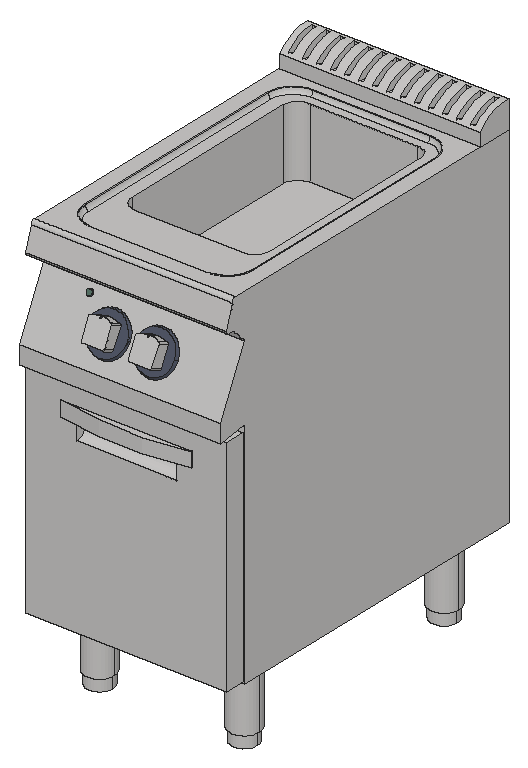
Revit family "QF_ZANUSSI_372352_Z7OOBDBAMC", category Specialty Equipment, Revit 2018
Family settings
  Round Connector Dimension = Use Diameter
  Part Type = Normal
  Work Plane-Based = No
  Always vertical = Yes
  Cut with Voids When Loaded = No
  Shared = No
  Room Calculation Point = No
Parameters (values of type "Standard")
  Weight = 50.00 kg
  Watts = 0 W
  Volts = 380 V
  URL Manufacturer = "http://www.zanussiprofessional.com"
  URL = "http://www.zanussiprofessional.com"
  Steam Supply Size = 0"
  Steam Supply Minimum Pressure = 0.00 psi
  Steam Supply Maximum Pressure = 0.00 psi
  Steam Pounds per Hour = 0
  Show Logo [instance] = yes
  Show Clearance [instance] = yes
  Refrigeration Suction Line Size = 0"
  Refrigeration Liquid Line Size = 0"
  Refrigerant Compressor Remote = yes
  Phase = 3
  Model = "Z7OOBDBAMC"
  Manufacturer = "Zanussi"
  Length Actual = 400 mm  # constant formula
  Item Number = "372352"
  Hot Water Size = 0"
  Height Actual = 850 mm  # constant formula
  HP = "8 HP"
  Gas Size = 0"
  Gas KW = 0
  Gas Input Pressure = 0.0 Btu/h
  Direct Waste Size = 1"
  Description = "1-WELL EL. PASTA COOKER 24,5 LT 400MM (AUS)"
  Depth Actual = 700 mm  # constant formula
  Cycle = 60 Hz
  Condensate Return Size = 0"
  Compressed Air Volume = 0 GPM
  Compressed Air Size = 0"
  Compressed Air Pressure = 0.00 psi
  Cold Water Size = 1/2"
  Accessory = yes
Reference planes
  plane 1 "BACK": y = 0
  plane 2: z = 0
  plane 3 "LEFT": x = 0
  plane 4 "RIGHT": x = 400
  plane 5 "FRONT": y = -715
  plane 6 "TOP": z = 905.238
  plane 7 "Center Y": x = 200
  plane 8 "Center X": y = -357.5
  plane 9 "BASE": z = 600
  plane 10 "TOP A": z = 850
  plane 11: y = -587.387
  plane 12: y = -90
  plane 13: z = 150
Forms (mm)
  Extrusion 1, solid, material "QF_Finishes_Stainless Steel"
    sketch origin (0, 0, 0) x (0, 1, 0) y (0, 0, 1)
      loop
        line (0, 850) -> (-679.358, 850)
        arc (-679.358, 850) -> (-684.643, 847.811) -> (-686.833, 842.526) r 7.474
        line (-686.833, 842.526) -> (-699.884, 797.011)
        arc (-699.884, 797.011) -> (-699.396, 794.379) -> (-697, 793.184) r 3
        line (-697, 793.184) -> (-686.802, 793.184) -> (-654.982, 761.364) -> (-715, 639.508) -> (-715, 604.508) -> (-658.645, 612.428)
        arc (-658.645, 612.428) -> (-656.101, 611.674) -> (-655, 609.259) r 3.2
        line (-655, 609.259) -> (-655, 150) -> (0, 150) -> (0, 850)
      loop
        line (-700, 599) -> (-700, 155) -> (-660, 155) -> (-660, 599) -> (-700, 599)
    from 0 to 400
  Extrusion 2, void
    sketch origin (0, 0, 850) x (-1, 0, 0) y (0, -1, 0)
      loop
        arc (-83.338, 90.124) -> (-47.982, 104.769) -> (-33.338, 140.124) r 50
        line (-33.338, 140.124) -> (-33.338, 595.265)
        arc (-33.338, 595.265) -> (-47.982, 630.62) -> (-83.338, 645.265) r 50
        line (-83.338, 645.265) -> (-316.662, 645.265)
        arc (-316.662, 645.265) -> (-352.018, 630.62) -> (-366.662, 595.265) r 50
        line (-366.662, 595.265) -> (-366.662, 140.124)
        arc (-366.662, 140.124) -> (-352.018, 104.769) -> (-316.662, 90.124) r 50
        line (-316.662, 90.124) -> (-83.338, 90.124)
    from 0 to -152.4
  Extrusion 3, solid, material "QF_Finishes_Clearance", visible <- "Show Clearance", detail levels coarse
    sketch origin (0, 0, 0) x (1, 0, 0) y (0, 1, 0)
      loop
        line (0, -715) -> (0, 0) -> (400, 0) -> (400, -715) -> (550.019, -715) -> (550.019, 150.019) -> (-150.019, 150.019) -> (-150.019, -715) -> (0, -715)
    from 0 to 905.237
  Revolve 4, solid, material "QF_Finishes_Stainless Steel"
    sketch origin (0, -587.387, 608.09) x (0, 0, 1) y (-1, 0, 0)
      loop
        line (-608.09, -56) -> (-458.09, -56) -> (-458.09, -26) -> (-583.09, -26) -> (-583.09, -29.75) -> (-608.09, -29.75) -> (-608.09, -56)
      axis (-608.09, -56) -> (-458.09, -56)
    angle from 0 to 360
  Revolve 5, solid, material "QF_Finishes_Stainless Steel"
    sketch origin (400.05, -587.387, 608.09) x (0, 0, 1) y (-1, 0, 0)
      loop
        line (-608.09, 56.05) -> (-608.09, 29.8) -> (-583.09, 29.8) -> (-583.09, 26.05) -> (-458.09, 26.05) -> (-458.09, 56.05) -> (-608.09, 56.05)
      axis (-608.09, 56.05) -> (-458.09, 56.05)
    angle from 0 to 360
  Revolve 6, solid, material "QF_Finishes_Stainless Steel"
    sketch origin (0, -90, 608.09) x (0, 0, 1) y (-1, 0, 0)
      loop
        line (-608.09, -56) -> (-458.09, -56) -> (-458.09, -26) -> (-583.09, -26) -> (-583.09, -29.75) -> (-608.09, -29.75) -> (-608.09, -56)
      axis (-608.09, -56) -> (-458.09, -56)
    angle from 0 to 360
  Revolve 7, solid, material "QF_Finishes_Stainless Steel"
    sketch origin (400.05, -90, 608.09) x (0, 0, 1) y (-1, 0, 0)
      loop
        line (-608.09, 56.05) -> (-608.09, 29.8) -> (-583.09, 29.8) -> (-583.09, 26.05) -> (-458.09, 26.05) -> (-458.09, 56.05) -> (-608.09, 56.05)
      axis (-608.09, 56.05) -> (-458.09, 56.05)
    angle from 0 to 360
  Extrusion 8, solid, material "QF_Finishes_Stainless Steel"
    sketch origin (-77.88, -4572, 150) x (-1, 0, 0) y (0, -1, 0)
      loop
        circle (-309.88, -4202) r 12.7
      loop
        circle (-309.855, -3991) r 12.7
    from 0 to -12.7
  Extrusion 9, solid, material "QF_Finishes_Stainless Steel"
    sketch origin (-77.88, -4572, 850) x (-1, 0, 0) y (0, -1, 0)
      loop
        line (-111.217, -4431.876) -> (-111.217, -3976.735)
        arc (-111.217, -3976.735) -> (-125.862, -3941.38) -> (-161.217, -3926.735) r 50
        line (-161.217, -3926.735) -> (-394.542, -3926.735)
        arc (-394.542, -3926.735) -> (-429.897, -3941.38) -> (-444.542, -3976.735) r 50
        line (-444.542, -3976.735) -> (-444.542, -4431.876)
        arc (-444.542, -4431.876) -> (-429.897, -4467.231) -> (-394.542, -4481.876) r 50
        line (-394.542, -4481.876) -> (-161.217, -4481.876)
        arc (-161.217, -4481.876) -> (-125.862, -4467.231) -> (-111.217, -4431.876) r 50
      loop
        arc (-414.542, -4431.876) -> (-405.755, -4453.089) -> (-384.542, -4461.876) r 30
        line (-384.542, -4461.876) -> (-171.217, -4461.876)
        arc (-171.217, -4461.876) -> (-150.004, -4453.089) -> (-141.217, -4431.876) r 30
        line (-141.217, -4431.876) -> (-141.217, -4056.735)
        arc (-141.217, -4056.735) -> (-150.004, -4035.522) -> (-171.217, -4026.735) r 30
        line (-171.217, -4026.735) -> (-384.542, -4026.735)
        arc (-384.542, -4026.735) -> (-405.755, -4035.522) -> (-414.542, -4056.735) r 30
        line (-414.542, -4056.735) -> (-414.542, -4431.876)
    from -12.7 to -152.4
  Sweep 10, solid, material "QF_Finishes_Stainless Steel"
    path origin (0, 0, 850) x (-1, 0, 0) y (0, -1, 0)
      loop
        line (-33.338, 140.124) -> (-33.338, 595.265)
        arc (-33.338, 595.265) -> (-47.982, 630.62) -> (-83.338, 645.265) r 50
        line (-83.338, 645.265) -> (-316.662, 645.265)
        arc (-316.662, 645.265) -> (-352.018, 630.62) -> (-366.662, 595.265) r 50
        line (-366.662, 595.265) -> (-366.662, 140.124)
        arc (-366.662, 140.124) -> (-352.018, 104.769) -> (-316.662, 90.124) r 50
        line (-316.662, 90.124) -> (-83.338, 90.124)
        arc (-83.338, 90.124) -> (-47.982, 104.769) -> (-33.338, 140.124) r 50
    profile origin (33.338, -367.694, 850) x (1, 0, 0) y (0, 0, 1)
      loop
        line (0, 0) -> (0, -10.84) -> (5.055, -10.84)
        arc (5.055, -10.84) -> (1.326, -5.98) -> (0, 0) r 14.151
  Extrusion 11, solid, material "QF_Finishes_Stainless Steel"
    sketch origin (0, 0, 0.762) x (0, 1, 0) y (0, 0, 1)
      loop
        line (0, 849.238) -> (0, 904.238)
        arc (0, 904.238) -> (-38.078, 896.879) -> (-69.85, 874.638) r 93.057
        line (-69.85, 874.638) -> (-69.85, 849.238) -> (0, 849.238)
    from 0 to 400.05
  Extrusion 12, void
    sketch origin (0, 0, 851) x (-1, 0, 0) y (0, -1, 0)
      loop
        line (-13.453, 6.761) -> (-13.453, 63.911) -> (-22.749, 63.911) -> (-22.749, 6.761) -> (-13.453, 6.761)
    from 25.4 to 63.5
  Extrusion 13, void
    sketch origin (400.05, 0, 851) x (1, 0, 0) y (0, 1, 0)
      loop
        line (-13.503, -6.761) -> (-22.799, -6.761) -> (-22.799, -63.911) -> (-13.503, -63.911) -> (-13.503, -6.761)
    from 25.4 to 63.5
  Extrusion 14, void
    sketch origin (27.988, 0, 851) x (-1, 0, 0) y (0, -1, 0)
      loop
        line (-13.453, 6.761) -> (-13.453, 63.911) -> (-22.749, 63.911) -> (-22.749, 6.761) -> (-13.453, 6.761)
    from 25.4 to 63.5
  Extrusion 15, void
    sketch origin (55.977, 0, 851) x (-1, 0, 0) y (0, -1, 0)
      loop
        line (-13.453, 6.761) -> (-13.453, 63.911) -> (-22.749, 63.911) -> (-22.749, 6.761) -> (-13.453, 6.761)
    from 25.4 to 63.5
  Extrusion 16, void
    sketch origin (83.965, 0, 851) x (-1, 0, 0) y (0, -1, 0)
      loop
        line (-13.428, 6.761) -> (-13.428, 63.911) -> (-22.724, 63.911) -> (-22.724, 6.761) -> (-13.428, 6.761)
    from 25.4 to 63.5
  Extrusion 17, void
    sketch origin (111.953, 0, 851) x (-1, 0, 0) y (0, -1, 0)
      loop
        line (-13.428, 6.761) -> (-13.428, 63.911) -> (-22.724, 63.911) -> (-22.724, 6.761) -> (-13.428, 6.761)
    from 25.4 to 63.5
  Extrusion 18, void
    sketch origin (139.942, 0, 851) x (-1, 0, 0) y (0, -1, 0)
      loop
        line (-13.428, 6.761) -> (-13.428, 63.911) -> (-22.724, 63.911) -> (-22.724, 6.761) -> (-13.428, 6.761)
    from 25.4 to 63.5
  Extrusion 19, void
    sketch origin (167.93, 0, 851) x (-1, 0, 0) y (0, -1, 0)
      loop
        line (-13.428, 6.761) -> (-13.428, 63.911) -> (-22.724, 63.911) -> (-22.724, 6.761) -> (-13.428, 6.761)
    from 25.4 to 63.5
  Extrusion 20, void
    sketch origin (195.918, 0, 851) x (-1, 0, 0) y (0, -1, 0)
      loop
        line (-13.428, 6.761) -> (-13.428, 63.911) -> (-22.724, 63.911) -> (-22.724, 6.761) -> (-13.428, 6.761)
    from 25.4 to 63.5
  Extrusion 21, void
    sketch origin (223.907, 0, 851) x (-1, 0, 0) y (0, -1, 0)
      loop
        line (-13.428, 6.761) -> (-13.428, 63.911) -> (-22.724, 63.911) -> (-22.724, 6.761) -> (-13.428, 6.761)
    from 25.4 to 63.5
  Extrusion 22, void
    sketch origin (251.895, 0, 851) x (-1, 0, 0) y (0, -1, 0)
      loop
        line (-13.428, 6.761) -> (-13.428, 63.911) -> (-22.724, 63.911) -> (-22.724, 6.761) -> (-13.428, 6.761)
    from 25.4 to 63.5
  Extrusion 23, void
    sketch origin (279.884, 0, 851) x (-1, 0, 0) y (0, -1, 0)
      loop
        line (-13.403, 6.761) -> (-13.403, 63.911) -> (-22.699, 63.911) -> (-22.699, 6.761) -> (-13.403, 6.761)
    from 25.4 to 63.5
  Extrusion 24, void
    sketch origin (307.872, 0, 851) x (-1, 0, 0) y (0, -1, 0)
      loop
        line (-13.403, 6.761) -> (-13.403, 63.911) -> (-22.699, 63.911) -> (-22.699, 6.761) -> (-13.403, 6.761)
    from 25.4 to 63.5
  Extrusion 25, void
    sketch origin (335.86, 0, 851) x (-1, 0, 0) y (0, -1, 0)
      loop
        line (-13.403, 6.761) -> (-13.403, 63.911) -> (-22.699, 63.911) -> (-22.699, 6.761) -> (-13.403, 6.761)
    from 25.4 to 63.5
  Extrusion 26, solid, material "QF_Finishes_Stainless Steel"
    sketch origin (-77.88, -4572, 150) x (-1, 0, 0) y (0, -1, 0)
      loop
        circle (-412.88, -4071) r 6.35
    from 50 to 48.4
  Extrusion 27, solid, material "QF_Plastic-Black-Matte"
    sketch origin (190, -684.991, 700.436) x (0, 0.441846, 0.897091) y (0, 0.897091, -0.441846)
      loop
        line (26.984, -34) -> (23.984, -34) -> (23.984, -35) -> (26.984, -35)
        arc (26.984, -35) -> (27.691, -34.707) -> (27.984, -34) r 1
        line (27.984, -34) -> (27.984, -19) -> (26.984, -19) -> (26.984, -34)
    from -58.5 to -56.5
  Extrusion 28, solid, material "QF_Finishes_Stainless Steel"
    sketch origin (247.5, -684.991, 700.436) x (-1, 0, 0) y (0, -0.441846, -0.897091)
      loop
        line (17.5, -17.5) -> (17.5, 17.5) -> (-17.5, 17.5) -> (-17.5, -17.5) -> (17.5, -17.5)
    from 5 to 10
  Extrusion 29, solid, material "QF_Finishes_Stainless Steel"
    sketch origin (247.5, -684.991, 700.436) x (-1, 0, 0) y (0, -0.441846, -0.897091)
      loop
        arc (-21.147, -22.789) -> (0, -26.984) -> (21.147, -22.789) r 55.4
        arc (21.147, -22.789) -> (22.494, -21.685) -> (23, -20.019) r 2.997
        line (23, -20.019) -> (23, 20.019)
        arc (23, 20.019) -> (22.122, 22.138) -> (20.003, 23.016) r 2.997
        line (20.003, 23.016) -> (-20.003, 23.016)
        arc (-20.003, 23.016) -> (-22.122, 22.138) -> (-23, 20.019) r 2.997
        line (-23, 20.019) -> (-23, -20.019)
        arc (-23, -20.019) -> (-22.494, -21.685) -> (-21.147, -22.789) r 2.997
    from 10 to 34
  Blend 30, solid, material "QF_Finishes_Navy Blue"
    base sketch origin (247.5, -684.991, 700.436) x (1, 0, 0) y (0, 0.441846, 0.897091)
      loop
        circle (0, 0) r 42.5
    top sketch origin (247.5, -684.991, 700.436) x (1, 0, 0) y (0, 0.441846, 0.897091)
      loop
        circle (0, 0) r 40.5
    from 0 to 5
  Extrusion 31, solid, material "QF_Finishes_Stainless Steel"
    sketch origin (152.5, -684.991, 700.436) x (1, 0, 0) y (0, 0.441846, 0.897091)
      loop
        arc (-21.147, 22.789) -> (-22.494, 21.685) -> (-23, 20.019) r 2.997
        line (-23, 20.019) -> (-23, -20.019)
        arc (-23, -20.019) -> (-22.122, -22.138) -> (-20.003, -23.016) r 2.997
        line (-20.003, -23.016) -> (20.003, -23.016)
        arc (20.003, -23.016) -> (22.122, -22.138) -> (23, -20.019) r 2.997
        line (23, -20.019) -> (23, 20.019)
        arc (23, 20.019) -> (22.494, 21.685) -> (21.147, 22.789) r 2.997
        arc (21.147, 22.789) -> (0, 26.984) -> (-21.147, 22.789) r 55.4
    from 10 to 34
  Extrusion 32, solid, material "QF_Plastic-Black-Matte"
    sketch origin (232.5, -684.991, 700.436) x (0, 0.441846, 0.897091) y (0, -0.897091, 0.441846)
      loop
        line (26.984, 34) -> (26.984, 19) -> (27.984, 19) -> (27.984, 34)
        arc (27.984, 34) -> (27.691, 34.707) -> (26.984, 35) r 1
        line (26.984, 35) -> (23.984, 35) -> (23.984, 34) -> (26.984, 34)
    from -81 to -79
  Extrusion 33, solid, material "QF_Finishes_DarkGreen"
    sketch origin (152.5, -662.899, 745.291) x (1, 0, 0) y (0, 0.441846, 0.897091)
      loop
        circle (-55.001, 0) r 6
    from 0 to 1.6
  Extrusion 34, solid, material "QF_Finishes_Stainless Steel"
    sketch origin (152.5, -684.991, 700.436) x (1, 0, 0) y (0, 0.441846, 0.897091)
      loop
        line (17.5, 17.5) -> (-17.5, 17.5) -> (-17.5, -17.5) -> (17.5, -17.5) -> (17.5, 17.5)
    from 5 to 10
  Blend 35, solid, material "QF_Finishes_Navy Blue"
    base sketch origin (152.5, -684.991, 700.436) x (1, 0, 0) y (0, 0.441846, 0.897091)
      loop
        circle (0, 0) r 42.5
    top sketch origin (152.5, -684.991, 700.436) x (1, 0, 0) y (0, 0.441846, 0.897091)
      loop
        circle (0, 0) r 40.5
    from 0 to 5
  Extrusion 36, solid, material "QF_Finishes_Stainless Steel"
    sketch origin (-77.88, -4572, 130) x (-1, 0, 0) y (0, -1, 0)
      loop
        arc (-147.606, -3871.085) -> (-277.88, -3857) -> (-408.153, -3871.085) r 609.497
        line (-408.153, -3871.085) -> (-408.153, -3872) -> (-147.606, -3872) -> (-147.606, -3871.085)
    from 400 to 430
  Extrusion 37, void
    sketch origin (200, -27.863, -20) x (0, 1, 0) y (0, 0, 1)
      loop
        line (-672.137, 567) -> (-672.137, 517)
        arc (-672.137, 517) -> (-656.47, 524.721) -> (-650.137, 541) r 24.091
        line (-650.137, 541) -> (-650.137, 567) -> (-672.137, 567)
    from -100 to 100
  Extrusion 38, solid, material "QF_Finishes_Door Clearance", visible <- "Show Clearance", detail levels coarse
    sketch origin (400, 0, 850) x (1, 0, 0) y (0, 1, 0)
      loop
        line (0, -672.137) -> (-400, -672.137) -> (-400, -1072.137)
        arc (-400, -1072.137) -> (-117.157, -954.98) -> (0, -672.137) r 400
    from -695 to -250
Cuts and joins
  Extrusion 2, Extrusion 37 cuts Extrusion 1
  Extrusion 12, Extrusion 13, Extrusion 14, Extrusion 15, Extrusion 16, Extrusion 17, Extrusion 18, Extrusion 19, Extrusion 20, Extrusion 21, Extrusion 22, Extrusion 23, Extrusion 24, Extrusion 25 cuts Extrusion 3
  Extrusion 12, Extrusion 13, Extrusion 14, Extrusion 15, Extrusion 16, Extrusion 17, Extrusion 18, Extrusion 19, Extrusion 20, Extrusion 21, Extrusion 22, Extrusion 23, Extrusion 24, Extrusion 25 cuts Extrusion 11
Lines and regions (mm)
  Split face 1
    outline origin (247.5, -689.476, 702.645) x (1, 0, 0) y (0, 0.441846, 0.897091)
      loop
        arc (-0.521, 36.501) -> (-26.491, 26.394) -> (-37.708, 0.884) r 36.411
        line (-37.708, 0.884) -> (-31.708, 0.884)
        arc (-31.708, 0.884) -> (-21.998, 23.844) -> (-0.521, 36.501) r 39.733
  Split face 2
    outline origin (152.5, -689.476, 702.645) x (0, -0.441846, -0.897091) y (1, 0, 0)
      loop
        circle (-34, 0) r 1.5
  Split face 3
    outline origin (152.5, -689.476, 702.645) x (1, 0, 0) y (0, 0.441846, 0.897091)
      loop
        circle (-32.336, 10.507) r 1.5
  Split face 4
    outline origin (152.5, -689.476, 702.645) x (1, 0, 0) y (0, 0.441846, 0.897091)
      loop
        circle (-19.985, -27.507) r 1.5
  Split face 5
    outline origin (152.5, -689.476, 702.645) x (1, 0, 0) y (0, 0.441846, 0.897091)
      loop
        circle (19.985, -27.507) r 1.5
  Split face 6
    outline origin (152.5, -689.476, 702.645) x (1, 0, 0) y (0, 0.441846, 0.897091)
      loop
        circle (32.336, 10.507) r 1.5
  symbolic lines, style "QF-Clearances", visible <- "Show Clearance", detail levels coarse
    curve 1: line (-150.019, 150.019, 850) -> (-150.019, -716.377, 850)
    curve 2: line (550.019, 150.019, 850) -> (-150.019, 150.019, 850)
    curve 3: line (550.019, -716.377, 850) -> (550.019, 150.019, 850)
  symbolic lines
    curve 4: line (0, 0, 850) -> (400, 0, 850)
    curve 5: line (0, -715, 850) -> (0, 0, 850)
    curve 6: line (400, 0, 850) -> (400, -715, 850)
    curve 7: line (0, -69.85, 850) -> (0, -63.012, 850)
    curve 8: line (93.313, -110.124, 850) -> (306.663, -110.124, 850)
    curve 9: arc (306.663, -110.124, 850) -> (327.876, -118.911, 850) -> (336.663, -140.124, 850) r 30
    curve 10: line (336.663, -140.124, 850) -> (336.663, -515.265, 850)
    curve 11: arc (336.663, -515.265, 850) -> (327.876, -536.478, 850) -> (306.663, -545.265, 850) r 30
    curve 12: arc (93.338, -545.265, 850) -> (72.124, -536.478, 850) -> (63.338, -515.265, 850) r 30
    curve 13: line (63.338, -515.265, 850) -> (63.338, -140.099, 850)
    curve 14: arc (63.338, -140.099, 850) -> (72.117, -118.904, 850) -> (93.313, -110.124, 850) r 29.975
    curve 15: arc (83.313, -95.179, 850) -> (51.549, -108.336, 850) -> (38.392, -140.099, 850) r 44.92
    curve 16: line (38.392, -140.099, 850) -> (38.392, -595.265, 850)
    curve 17: arc (38.392, -595.265, 850) -> (51.556, -627.046, 850) -> (83.338, -640.21, 850) r 44.945
    curve 18: arc (316.663, -640.21, 850) -> (348.444, -627.046, 850) -> (361.608, -595.265, 850) r 44.945
    curve 19: line (361.608, -595.265, 850) -> (361.608, -140.124, 850)
    curve 20: arc (361.608, -140.124, 850) -> (348.444, -108.343, 850) -> (316.663, -95.179, 850) r 44.945
    curve 21: arc (83.313, -90.124, 850) -> (47.975, -104.761, 850) -> (33.338, -140.099, 850) r 49.975
    curve 22: line (33.338, -140.099, 850) -> (33.338, -595.265, 850)
    curve 23: arc (33.338, -595.265, 850) -> (47.982, -630.62, 850) -> (83.338, -645.265, 850) r 50
    curve 24: arc (316.663, -645.265, 850) -> (352.018, -630.62, 850) -> (366.663, -595.265, 850) r 50
    curve 25: line (366.663, -595.265, 850) -> (366.663, -140.124, 850)
    curve 26: arc (366.663, -140.124, 850) -> (352.018, -104.769, 850) -> (316.663, -90.124, 850) r 50
    curve 27: line (316.663, -90.124, 850) -> (79.418, -90.124, 850)
    curve 28: line (83.338, -645.265, 850) -> (316.663, -645.265, 850)
    curve 29: line (83.338, -640.21, 850) -> (316.663, -640.21, 850)
    curve 30: line (306.663, -545.265, 850) -> (93.338, -545.265, 850)
    curve 31: line (316.663, -95.179, 850) -> (83.313, -95.179, 850)
    curve 32: line (0, -69.85, 850) -> (400, -69.85, 850)
    curve 33: line (22.724, -6.761, 850) -> (22.724, -63.911, 850)
    curve 34: line (22.724, -63.911, 850) -> (13.428, -63.911, 850)
    curve 35: line (13.428, -63.911, 850) -> (13.428, -6.761, 850)
    curve 36: line (13.428, -6.761, 850) -> (22.724, -6.761, 850)
    curve 37: line (386.547, -6.761, 850) -> (386.547, -63.911, 850)
    curve 38: line (386.547, -63.911, 850) -> (377.251, -63.911, 850)
    curve 39: line (377.251, -63.911, 850) -> (377.251, -6.761, 850)
    curve 40: line (377.251, -6.761, 850) -> (386.547, -6.761, 850)
    curve 41: line (50.712, -6.761, 850) -> (50.712, -63.911, 850)
    curve 42: line (50.712, -63.911, 850) -> (41.416, -63.911, 850)
    curve 43: line (41.416, -63.911, 850) -> (41.416, -6.761, 850)
    curve 44: line (41.416, -6.761, 850) -> (50.712, -6.761, 850)
    curve 45: line (78.7, -6.761, 850) -> (78.7, -63.911, 850)
    curve 46: line (78.7, -63.911, 850) -> (69.405, -63.911, 850)
    curve 47: line (69.405, -63.911, 850) -> (69.405, -6.761, 850)
    curve 48: line (69.405, -6.761, 850) -> (78.7, -6.761, 850)
    curve 49: line (106.689, -6.761, 850) -> (106.689, -63.911, 850)
    curve 50: line (106.689, -63.911, 850) -> (97.393, -63.911, 850)
    curve 51: line (97.393, -63.911, 850) -> (97.393, -6.761, 850)
    curve 52: line (97.393, -6.761, 850) -> (106.689, -6.761, 850)
    curve 53: line (134.677, -6.761, 850) -> (134.677, -63.911, 850)
    curve 54: line (134.677, -63.911, 850) -> (125.381, -63.911, 850)
    curve 55: line (125.381, -63.911, 850) -> (125.381, -6.761, 850)
    curve 56: line (125.381, -6.761, 850) -> (134.677, -6.761, 850)
    curve 57: line (162.665, -6.761, 850) -> (162.665, -63.911, 850)
    curve 58: line (162.665, -63.911, 850) -> (153.37, -63.911, 850)
    curve 59: line (153.37, -63.911, 850) -> (153.37, -6.761, 850)
    curve 60: line (153.37, -6.761, 850) -> (162.665, -6.761, 850)
    curve 61: line (190.654, -6.761, 850) -> (190.654, -63.911, 850)
    curve 62: line (190.654, -63.911, 850) -> (181.358, -63.911, 850)
    curve 63: line (181.358, -63.911, 850) -> (181.358, -6.761, 850)
    curve 64: line (181.358, -6.761, 850) -> (190.654, -6.761, 850)
    curve 65: line (218.642, -6.761, 850) -> (218.642, -63.911, 850)
    curve 66: line (218.642, -63.911, 850) -> (209.346, -63.911, 850)
    curve 67: line (209.346, -63.911, 850) -> (209.346, -6.761, 850)
    curve 68: line (209.346, -6.761, 850) -> (218.642, -6.761, 850)
    curve 69: line (246.605, -6.761, 850) -> (246.605, -63.911, 850)
    curve 70: line (246.605, -63.911, 850) -> (237.31, -63.911, 850)
    curve 71: line (237.31, -63.911, 850) -> (237.31, -6.761, 850)
    curve 72: line (237.31, -6.761, 850) -> (246.605, -6.761, 850)
    curve 73: line (274.594, -6.761, 850) -> (274.594, -63.911, 850)
    curve 74: line (274.594, -63.911, 850) -> (265.298, -63.911, 850)
    curve 75: line (265.298, -63.911, 850) -> (265.298, -6.761, 850)
    curve 76: line (265.298, -6.761, 850) -> (274.594, -6.761, 850)
    curve 77: line (302.582, -6.761, 850) -> (302.582, -63.911, 850)
    curve 78: line (302.582, -63.911, 850) -> (293.286, -63.911, 850)
    curve 79: line (293.286, -63.911, 850) -> (293.286, -6.761, 850)
    curve 80: line (293.286, -6.761, 850) -> (302.582, -6.761, 850)
    curve 81: line (330.57, -6.761, 850) -> (330.57, -63.911, 850)
    curve 82: line (330.57, -63.911, 850) -> (321.275, -63.911, 850)
    curve 83: line (321.275, -63.911, 850) -> (321.275, -6.761, 850)
    curve 84: line (321.275, -6.761, 850) -> (330.57, -6.761, 850)
    curve 85: line (358.559, -6.761, 850) -> (358.559, -63.911, 850)
    curve 86: line (358.559, -63.911, 850) -> (349.263, -63.911, 850)
    curve 87: line (349.263, -63.911, 850) -> (349.263, -6.761, 850)
    curve 88: line (349.263, -6.761, 850) -> (358.559, -6.761, 850)
    curve 89: line (0, -699.982, 0) -> (400.05, -699.982, 0)
    curve 90: line (129.5, -699.982, 0) -> (129.5, -724.328, 0)
    curve 91: arc (129.5, -724.328, 0) -> (129.646, -724.792, 0) -> (130.032, -725.088, 0) r 0.809
    curve 92: arc (130.032, -725.088, 0) -> (131.22, -725.569, 0) -> (132.497, -725.662, 0) r 4.127
    curve 93: arc (129.5, -704.274, 0) -> (124.459, -702.44, 0) -> (119.691, -699.982, 0) r 42.24
    curve 94: arc (129.5, -706.521, 0) -> (130.002, -705.799, 0) -> (130.799, -705.43, 0) r 1.682
    curve 95: arc (130.799, -705.43, 0) -> (141.102, -703.932, 0) -> (151.5, -703.423, 0) r 109.079
    curve 96: line (151.5, -699.982, 0) -> (151.5, -705.653, 0)
    curve 97: line (151.5, -705.653, 0) -> (153.5, -705.653, 0)
    curve 98: line (153.5, -705.653, 0) -> (153.5, -699.982, 0)
    curve 99: line (175.5, -699.982, 0) -> (175.5, -724.328, 0)
    curve 100: arc (175.5, -724.328, 0) -> (175.354, -724.792, 0) -> (174.968, -725.088, 0) r 0.809
    curve 101: arc (174.968, -725.088, 0) -> (173.78, -725.569, 0) -> (172.503, -725.662, 0) r 4.127
    curve 102: arc (175.5, -704.274, 0) -> (180.541, -702.44, 0) -> (185.309, -699.982, 0) r 42.24
    curve 103: arc (175.5, -706.521, 0) -> (174.998, -705.799, 0) -> (174.201, -705.43, 0) r 1.682
    curve 104: arc (174.201, -705.43, 0) -> (163.898, -703.932, 0) -> (153.5, -703.423, 0) r 109.079
    curve 105: line (132.497, -725.662, 0) -> (172.503, -725.662, 0)
    curve 106: line (270.5, -699.982, 0) -> (270.5, -724.328, 0)
    curve 107: arc (270.5, -724.328, 0) -> (270.354, -724.792, 0) -> (269.968, -725.088, 0) r 0.809
    curve 108: arc (269.968, -725.088, 0) -> (268.78, -725.569, 0) -> (267.503, -725.662, 0) r 4.127
    curve 109: arc (270.5, -704.274, 0) -> (275.541, -702.44, 0) -> (280.309, -699.982, 0) r 42.24
    curve 110: arc (270.5, -706.521, 0) -> (269.998, -705.799, 0) -> (269.201, -705.43, 0) r 1.682
    curve 111: arc (269.201, -705.43, 0) -> (258.898, -703.932, 0) -> (248.5, -703.423, 0) r 109.079
    curve 112: line (248.5, -699.982, 0) -> (248.5, -705.653, 0)
    curve 113: line (248.5, -705.653, 0) -> (246.5, -705.653, 0)
    curve 114: line (246.5, -705.653, 0) -> (246.5, -699.982, 0)
    curve 115: line (224.5, -699.982, 0) -> (224.5, -724.328, 0)
    curve 116: arc (224.5, -724.328, 0) -> (224.646, -724.792, 0) -> (225.032, -725.088, 0) r 0.809
    curve 117: arc (225.032, -725.088, 0) -> (226.22, -725.569, 0) -> (227.497, -725.662, 0) r 4.127
    curve 118: arc (224.5, -704.274, 0) -> (219.459, -702.44, 0) -> (214.691, -699.982, 0) r 42.24
    curve 119: arc (224.5, -706.521, 0) -> (225.002, -705.799, 0) -> (225.799, -705.43, 0) r 1.682
    curve 120: arc (225.799, -705.43, 0) -> (236.102, -703.932, 0) -> (246.5, -703.423, 0) r 109.079
    curve 121: line (267.503, -725.662, 0) -> (227.497, -725.662, 0)
    curve 122: line (175.5, -714.982, 0) -> (224.5, -714.982, 0)
    curve 123: line (270.5, -714.982, 0) -> (400.05, -714.982, 0)
    curve 124: line (0, -714.982, 0) -> (129.5, -714.982, 0)
  symbolic lines, style "QF-Door Swings"
    curve 125: arc (397.697, -715, 850) -> (380.257, -796.254, 850) -> (346.403, -872.15, 850) r 400
    curve 126: line (346.403, -872.15, 850) -> (74.24, -715, 850)
Dimensions and locks
  equal spacing: plane 3 "LEFT", plane 7 "Center Y", plane 4 "RIGHT"
  plane 3 "LEFT" to plane 4 "RIGHT" = 400 mm
  equal spacing: plane 5 "FRONT", plane 8 "Center X", plane 1 "BACK"
  plane 5 "FRONT" to plane 1 "BACK" = 715 mm
  plane 1 "BACK" to plane 5 "FRONT" = 715 mm
  locked: plane 10 "TOP A" to plane 9 "BASE" at 250
  plane 13 to level = 150 mm
  plane 10 "TOP A" to plane 13 = 700 mm
  Extrusion 8 sketch curve to plane 1 "BACK" = 370 mm
  plane 3 "LEFT" to Extrusion 8 sketch curve = 232 mm
  Extrusion 8 sketch curve to plane 1 "BACK" = 581 mm
  aligned and locked: level to plane 2
  aligned and locked: plane 4 "RIGHT" to Extrusion 1
  aligned and locked: plane 6 "TOP" to Extrusion 3
Automatic sketch dimensions
  curve 124 to plane 3 "LEFT" = 0 mm
  curve 89 to plane 3 "LEFT" = 0 mm
  plane 5 "FRONT" to curve 90 = 9.328 mm
  curve 90 to plane 7 "Center Y" = 70.5 mm
  curve 90 to curve 91 = 0.809 mm
  curve 94 to curve 94 = 1.583 mm
  curve 91 to curve 92 = 1.846 mm
  curve 91 to curve 105 = 2.189 mm
  curve 90 to curve 93 = 11.892 mm
  curve 96 to plane 5 "FRONT" = 9.347 mm
  curve 94 to curve 96 = 20.417 mm
  curve 95 to plane 7 "Center Y" = 48.369 mm
  curve 95 to curve 104 = 1.738 mm
  curve 96 to curve 97 = 2 mm
  curve 93 to curve 102 = 22.215 mm
  curve 105 to plane 7 "Center Y" = 27.497 mm
  curve 105 to curve 101 = 0.343 mm
  curve 101 to curve 103 = 1.071 mm
  curve 105 to curve 100 = 2.189 mm
  curve 100 to curve 99 = 0.809 mm
  plane 5 "FRONT" to curve 115 = 9.328 mm
  plane 7 "Center Y" to curve 115 = 24.5 mm
  curve 116 to curve 116 = 0.809 mm
  curve 119 to curve 119 = 1.583 mm
  curve 116 to curve 117 = 1.846 mm
  curve 116 to curve 121 = 2.189 mm
  plane 7 "Center Y" to curve 118 = 36.392 mm
  curve 113 to plane 5 "FRONT" = 9.347 mm
  curve 119 to curve 113 = 20.417 mm
  plane 7 "Center Y" to curve 120 = 46.631 mm
  curve 120 to curve 111 = 1.738 mm
  curve 113 to curve 113 = 2 mm
  curve 118 to curve 109 = 22.215 mm
  curve 112 to curve 121 = 19.003 mm
  curve 108 to curve 108 = 0.343 mm
  curve 108 to curve 110 = 1.071 mm
  curve 108 to curve 107 = 2.189 mm
  curve 107 to curve 106 = 0.809 mm
  curve 121 to curve 116 = 1.333 mm
  curve 105 to curve 91 = 1.333 mm
  curve 120 to curve 117 = 86.839 mm
  curve 120 to curve 111 = 0 mm
  curve 104 to curve 101 = 86.839 mm
  curve 95 to curve 104 = 0 mm
  curve 108 to curve 106 = 1.333 mm
  curve 105 to curve 99 = 1.333 mm
  curve 116 to curve 117 = 2.779 mm
  curve 91 to curve 92 = 2.779 mm
  curve 107 to curve 108 = 2.779 mm
  curve 100 to curve 101 = 2.779 mm
  curve 110 to plane 5 "FRONT" = 7.912 mm
  curve 103 to plane 5 "FRONT" = 7.912 mm
  curve 119 to plane 5 "FRONT" = 7.912 mm
  curve 94 to plane 5 "FRONT" = 7.912 mm
  curve 112 to curve 109 = 41.91 mm
  curve 97 to curve 102 = 41.91 mm
  curve 93 to curve 102 = 0 mm
  curve 118 to curve 109 = 0 mm
  curve 93 to curve 90 = 9.809 mm
  curve 94 to curve 94 = 0.284 mm
  curve 103 to curve 104 = 0.284 mm
  curve 99 to curve 102 = 9.809 mm
  curve 118 to curve 115 = 9.809 mm
  curve 120 to curve 119 = 0.284 mm
  curve 110 to curve 111 = 0.284 mm
  curve 106 to curve 109 = 9.809 mm
  plane 4 "RIGHT" to curve 89 = 0.05 mm
  curve 123 to plane 5 "FRONT" = 0.018 mm
  plane 4 "RIGHT" to curve 123 = 0.05 mm
  curve 124 to plane 5 "FRONT" = 0.018 mm
  curve 122 to plane 5 "FRONT" = 0.018 mm
  curve 103 to curve 103 = 0.567 mm
  curve 119 to curve 119 = 0.567 mm
  curve 94 to curve 94 = 0.567 mm
  curve 110 to curve 110 = 0.567 mm
  curve 104 to curve 102 = 1.156 mm
  Extrusion 1 sketch curve to plane 5 "FRONT" = 0 mm
  Extrusion 1 sketch curve to plane 10 "TOP A" = 0 mm
  Extrusion 1 sketch curve to plane 13 = 0 mm
  Extrusion 1 sketch curve to plane 1 "BACK" = 0 mm
  plane 13 to Extrusion 1 sketch curve = 5 mm
  Extrusion 1 sketch curve to plane 5 "FRONT" = 15 mm
  Extrusion 1 sketch curve to plane 5 "FRONT" = 15.116 mm
  Extrusion 1 sketch curve to Extrusion 1 sketch curve = 2.884 mm
  Extrusion 1 sketch curve to plane 10 "TOP A" = 7.474 mm
  Extrusion 1 sketch curve to plane 5 "FRONT" = 28.167 mm
  Extrusion 1 sketch curve to Extrusion 1 sketch curve = 10.198 mm
  Extrusion 1 sketch curve to Extrusion 1 sketch curve = 40 mm
  plane 9 "BASE" to Extrusion 1 sketch curve = 12.428 mm
  Extrusion 1 sketch curve to Extrusion 1 sketch curve = 1.355 mm
  Extrusion 1 sketch curve to Extrusion 1 sketch curve = 0.445 mm
  Extrusion 1 sketch curve to Extrusion 1 sketch curve = 5 mm
  Extrusion 1 sketch curve to Extrusion 1 sketch curve = 31.82 mm  (x2)
  Extrusion 1 sketch curve to plane 9 "BASE" = 1 mm
  plane 9 "BASE" to Extrusion 1 sketch curve = 4.508 mm
  Extrusion 1 sketch curve to Extrusion 1 sketch curve = 35 mm
  Extrusion 1 sketch curve to Extrusion 1 sketch curve = 81.162 mm
  Extrusion 1 sketch curve to Extrusion 1 sketch curve = 3 mm
  Extrusion 2 sketch curve to plane 4 "RIGHT" = 33.337 mm
  plane 11 to Extrusion 2 sketch curve = 57.877 mm
  Extrusion 2 sketch curve to Extrusion 2 sketch curve = 50 mm  (x2)
  plane 12 to Extrusion 2 sketch curve = 0.124 mm
  plane 3 "LEFT" to Extrusion 2 sketch curve = 83.338 mm  (x2)
  plane 12 to Extrusion 2 sketch curve = 50.124 mm
  plane 5 "FRONT" to Extrusion 3 sketch curve = 0 mm  (x2)
  plane 1 "BACK" to Extrusion 3 sketch curve = 0 mm
  Extrusion 3 sketch curve to plane 3 "LEFT" = 0 mm
  Extrusion 3 sketch curve to plane 4 "RIGHT" = 0 mm
  Extrusion 3 sketch curve to plane 3 "LEFT" = 150.019 mm
  plane 4 "RIGHT" to Extrusion 3 sketch curve = 150.019 mm
  Extrusion 3 sketch curve to plane 1 "BACK" = 150.019 mm
  curve 15 to curve 21 = 0 mm  (x2)
  curve 17 to curve 23 = 0 mm  (x2)
  curve 18 to curve 24 = 0 mm  (x2)
  curve 20 to curve 26 = 0 mm  (x2)
  plane 1 "BACK" to curve 6 = 0 mm
  curve 6 to plane 4 "RIGHT" = 0 mm
  plane 5 "FRONT" to curve 125 = 0 mm
  plane 5 "FRONT" to curve 126 = 0 mm
  curve 32 to plane 3 "LEFT" = 0 mm
  curve 7 to plane 3 "LEFT" = 0 mm
  curve 125 to plane 3 "LEFT" = 0 mm
  plane 5 "FRONT" to curve 6 = 0 mm
  plane 5 "FRONT" to curve 5 = 0 mm
  plane 4 "RIGHT" to curve 3 = 150.019 mm
  curve 38 to plane 4 "RIGHT" = 13.453 mm
  curve 37 to curve 40 = 9.296 mm
  curve 25 to plane 4 "RIGHT" = 33.337 mm
  curve 26 to curve 19 = 5.055 mm
  plane 1 "BACK" to curve 88 = 6.761 mm
  curve 39 to curve 88 = 18.693 mm
  curve 85 to curve 86 = 9.296 mm
  curve 126 to plane 4 "RIGHT" = 53.597 mm
  curve 10 to plane 4 "RIGHT" = 63.337 mm
  plane 1 "BACK" to curve 84 = 6.761 mm
  curve 87 to curve 84 = 18.693 mm
  curve 81 to curve 82 = 9.296 mm
  curve 9 to curve 20 = 20 mm
  curve 18 to curve 29 = 44.945 mm
  curve 11 to curve 11 = 30 mm
  curve 31 to curve 8 = 10 mm
  plane 1 "BACK" to curve 80 = 6.761 mm
  curve 83 to curve 80 = 18.693 mm
  curve 77 to curve 79 = 9.296 mm
  curve 78 to curve 73 = 18.693 mm
  curve 73 to curve 75 = 9.296 mm
  curve 74 to curve 70 = 18.693 mm
  curve 69 to curve 71 = 9.296 mm
  plane 1 "BACK" to curve 65 = 6.761 mm
  plane 7 "Center Y" to curve 65 = 18.642 mm
  curve 65 to curve 68 = 9.296 mm
  curve 61 to plane 7 "Center Y" = 9.346 mm
  curve 61 to curve 64 = 9.296 mm
  curve 62 to curve 57 = 18.693 mm
  curve 57 to curve 58 = 9.296 mm
  plane 1 "BACK" to curve 56 = 6.761 mm
  curve 59 to curve 56 = 18.693 mm
  curve 53 to curve 54 = 9.296 mm
  plane 1 "BACK" to curve 52 = 6.761 mm
  curve 55 to curve 52 = 18.693 mm
  curve 49 to curve 51 = 9.296 mm
  plane 3 "LEFT" to curve 12 = 93.338 mm
  plane 12 to curve 8 = 20.124 mm
  curve 50 to curve 8 = 4.08 mm
  plane 3 "LEFT" to curve 29 = 83.338 mm
  curve 14 to curve 15 = 10 mm
  plane 1 "BACK" to curve 45 = 6.761 mm
  curve 51 to curve 45 = 18.693 mm
  curve 45 to curve 47 = 9.296 mm
  curve 12 to curve 13 = 30 mm
  curve 46 to curve 41 = 18.693 mm
  curve 41 to curve 42 = 9.296 mm
  curve 14 to curve 16 = 24.945 mm
  curve 42 to curve 34 = 18.693 mm
  curve 33 to curve 34 = 9.296 mm
  curve 1 to plane 3 "LEFT" = 150.019 mm
  curve 2 to plane 1 "BACK" = 150.019 mm
  plane 1 "BACK" to curve 44 = 6.761 mm
  plane 1 "BACK" to curve 40 = 6.761 mm
  plane 1 "BACK" to curve 76 = 6.761 mm
  plane 1 "BACK" to curve 36 = 6.761 mm
  plane 1 "BACK" to curve 72 = 6.761 mm
  plane 1 "BACK" to curve 57 = 6.761 mm
  plane 1 "BACK" to curve 64 = 6.761 mm
  curve 62 to plane 12 = 26.089 mm
  curve 65 to plane 12 = 26.089 mm
  curve 59 to plane 12 = 26.089 mm
  curve 69 to plane 12 = 26.089 mm
  curve 33 to plane 12 = 26.089 mm
  curve 73 to plane 12 = 26.089 mm
  curve 37 to plane 12 = 26.089 mm
  curve 77 to plane 12 = 26.089 mm
  curve 41 to plane 12 = 26.089 mm
  curve 81 to plane 12 = 26.089 mm
  curve 45 to plane 12 = 26.089 mm
  curve 85 to curve 38 = 0 mm
  curve 49 to plane 12 = 26.089 mm
  curve 53 to curve 58 = 0 mm
  plane 12 to curve 27 = 0.124 mm
  curve 12 to plane 11 = 72.123 mm
  plane 11 to curve 16 = 7.877 mm
  curve 125 to plane 5 "FRONT" = 42.863 mm
  plane 5 "FRONT" to curve 126 = 157.15 mm
  curve 21 to curve 27 = 3.895 mm
  curve 28 to curve 126 = 9.097 mm
  curve 7 to curve 34 = 0.898 mm
  curve 7 to curve 32 = 6.838 mm
  curve 7 to curve 32 = 0 mm
  plane 5 "FRONT" to curve 3 = 1.377 mm
  plane 5 "FRONT" to curve 1 = 1.377 mm
  Revolve 4 sketch curve to level = 0 mm
  Revolve 4 sketch curve to plane 13 = 0 mm  (x2)
  level to Revolve 4 sketch curve = 25 mm
  plane 3 "LEFT" to Revolve 4 sketch curve = 56 mm
  plane 3 "LEFT" to Revolve 4 sketch curve = 29.75 mm
  plane 3 "LEFT" to Revolve 4 sketch curve = 26 mm
  Revolve 4 sketch curve to Revolve 4 sketch curve = 20 mm
  Revolve 4 sketch curve to Revolve 4 sketch curve = 0 mm
  Revolve 5 sketch curve to level = 0 mm
  Revolve 5 sketch curve to plane 13 = 0 mm  (x2)
  level to Revolve 5 sketch curve = 25 mm
  Revolve 5 sketch curve to plane 4 "RIGHT" = 26 mm
  Revolve 5 sketch curve to Revolve 5 sketch curve = 3.75 mm
  Revolve 5 sketch curve to Revolve 5 sketch curve = 30 mm
  Revolve 5 sketch curve to Revolve 5 sketch curve = 20 mm
  Revolve 5 sketch curve to Revolve 5 sketch curve = 0 mm
  Revolve 6 sketch curve to level = 0 mm
  Revolve 6 sketch curve to plane 13 = 0 mm  (x2)
  level to Revolve 6 sketch curve = 25 mm
  plane 3 "LEFT" to Revolve 6 sketch curve = 56 mm
  plane 3 "LEFT" to Revolve 6 sketch curve = 29.75 mm
  plane 3 "LEFT" to Revolve 6 sketch curve = 26 mm
  Revolve 6 sketch curve to Revolve 6 sketch curve = 20 mm
  Revolve 6 sketch curve to Revolve 6 sketch curve = 0 mm
  Revolve 7 sketch curve to level = 0 mm
  Revolve 7 sketch curve to plane 13 = 0 mm  (x2)
  level to Revolve 7 sketch curve = 25 mm
  Revolve 7 sketch curve to plane 4 "RIGHT" = 26 mm
  Revolve 7 sketch curve to Revolve 7 sketch curve = 3.75 mm
  Revolve 7 sketch curve to Revolve 7 sketch curve = 30 mm
  plane 13 to Revolve 7 sketch curve = 20 mm
  Revolve 7 sketch curve to Revolve 7 sketch curve = 0 mm
  plane 7 "Center Y" to Extrusion 8 sketch curve = 31.975 mm
  Extrusion 9 sketch curve to plane 4 "RIGHT" = 33.337 mm
  Extrusion 9 sketch curve to plane 4 "RIGHT" = 63.337 mm
  Extrusion 9 sketch curve to Extrusion 9 sketch curve = 20 mm
  plane 11 to Extrusion 9 sketch curve = 7.877 mm
  Extrusion 9 sketch curve to Extrusion 9 sketch curve = 50 mm
  Extrusion 9 sketch curve to Extrusion 9 sketch curve = 30 mm  (x3)
  Extrusion 9 sketch curve to Extrusion 9 sketch curve = 10 mm  (x2)
  Extrusion 9 sketch curve to plane 11 = 42.123 mm
  plane 3 "LEFT" to Extrusion 9 sketch curve = 93.338 mm  (x2)
  plane 12 to Extrusion 9 sketch curve = 50.124 mm
  plane 3 "LEFT" to Extrusion 9 sketch curve = 83.338 mm
  plane 12 to Extrusion 9 sketch curve = 0.124 mm
  plane 11 to Sweep 10 sketch curve = 7.877 mm  (x2)
  Sweep 10 sketch curve to plane 4 "RIGHT" = 33.337 mm
  plane 11 to Sweep 10 sketch curve = 57.877 mm
  plane 12 to Sweep 10 sketch curve = 0.124 mm
  Sweep 10 sketch curve to Sweep 10 sketch curve = 50 mm  (x2)
  plane 3 "LEFT" to Sweep 10 sketch curve = 83.338 mm
  profile plane to Sweep 10 sketch curve = 0 mm
  Sweep 10 sketch curve to plane 10 "TOP A" = 0 mm
  Sweep 10 sketch curve to profile plane = 5.055 mm
  Sweep 10 sketch curve to profile plane = 14.151 mm
  Extrusion 11 sketch curve to plane 10 "TOP A" = 0 mm
  Extrusion 11 sketch curve to plane 1 "BACK" = 0 mm
  plane 1 "BACK" to Extrusion 11 sketch curve = 1.769 mm
  Extrusion 11 sketch curve to plane 12 = 20.15 mm
  Extrusion 11 sketch curve to plane 10 "TOP A" = 38.04 mm
  plane 10 "TOP A" to Extrusion 11 sketch curve = 25.4 mm
  plane 1 "BACK" to Extrusion 12 sketch curve = 6.761 mm
  plane 3 "LEFT" to Extrusion 12 sketch curve = 22.749 mm
  Extrusion 12 sketch curve to Extrusion 12 sketch curve = 9.296 mm
  Extrusion 12 sketch curve to plane 12 = 26.089 mm
  Extrusion 13 sketch curve to plane 1 "BACK" = 6.761 mm
  plane 4 "RIGHT" to Extrusion 13 sketch curve = 22.749 mm
  Extrusion 13 sketch curve to Extrusion 13 sketch curve = 9.296 mm
  plane 12 to Extrusion 13 sketch curve = 26.089 mm
  plane 1 "BACK" to Extrusion 14 sketch curve = 6.761 mm
  plane 3 "LEFT" to Extrusion 14 sketch curve = 50.737 mm
  Extrusion 14 sketch curve to Extrusion 14 sketch curve = 9.296 mm
  Extrusion 14 sketch curve to plane 12 = 26.089 mm
  plane 1 "BACK" to Extrusion 15 sketch curve = 6.761 mm
  plane 3 "LEFT" to Extrusion 15 sketch curve = 78.725 mm
  Extrusion 15 sketch curve to Extrusion 15 sketch curve = 9.296 mm
  Extrusion 15 sketch curve to plane 12 = 26.089 mm
  plane 1 "BACK" to Extrusion 16 sketch curve = 6.761 mm
  Extrusion 16 sketch curve to plane 7 "Center Y" = 93.311 mm
  Extrusion 16 sketch curve to Extrusion 16 sketch curve = 9.296 mm
  Extrusion 16 sketch curve to plane 12 = 26.089 mm
  plane 1 "BACK" to Extrusion 17 sketch curve = 6.761 mm
  Extrusion 17 sketch curve to plane 7 "Center Y" = 65.323 mm
  Extrusion 17 sketch curve to Extrusion 17 sketch curve = 9.296 mm
  Extrusion 17 sketch curve to plane 12 = 26.089 mm
  plane 1 "BACK" to Extrusion 18 sketch curve = 6.761 mm
  Extrusion 18 sketch curve to plane 7 "Center Y" = 37.335 mm
  Extrusion 18 sketch curve to Extrusion 18 sketch curve = 9.296 mm
  Extrusion 18 sketch curve to plane 12 = 26.089 mm
  Extrusion 19 sketch curve to plane 7 "Center Y" = 9.346 mm
  Extrusion 19 sketch curve to Extrusion 19 sketch curve = 9.296 mm
  plane 1 "BACK" to Extrusion 19 sketch curve = 6.761 mm
  Extrusion 19 sketch curve to plane 12 = 26.089 mm
  plane 1 "BACK" to Extrusion 20 sketch curve = 6.761 mm
  plane 7 "Center Y" to Extrusion 20 sketch curve = 18.642 mm
  Extrusion 20 sketch curve to Extrusion 20 sketch curve = 9.296 mm
  Extrusion 20 sketch curve to plane 12 = 26.089 mm
  plane 1 "BACK" to Extrusion 21 sketch curve = 6.761 mm
  plane 7 "Center Y" to Extrusion 21 sketch curve = 46.63 mm
  Extrusion 21 sketch curve to Extrusion 21 sketch curve = 9.296 mm
  Extrusion 21 sketch curve to plane 12 = 26.089 mm
  plane 1 "BACK" to Extrusion 22 sketch curve = 6.761 mm
  plane 7 "Center Y" to Extrusion 22 sketch curve = 74.619 mm
  Extrusion 22 sketch curve to Extrusion 22 sketch curve = 9.296 mm
  Extrusion 22 sketch curve to plane 12 = 26.089 mm
  plane 1 "BACK" to Extrusion 23 sketch curve = 6.761 mm
  Extrusion 23 sketch curve to plane 4 "RIGHT" = 97.418 mm
  Extrusion 23 sketch curve to Extrusion 23 sketch curve = 9.296 mm
  Extrusion 23 sketch curve to plane 12 = 26.089 mm
  plane 1 "BACK" to Extrusion 24 sketch curve = 6.761 mm
  Extrusion 24 sketch curve to plane 4 "RIGHT" = 69.43 mm
  Extrusion 24 sketch curve to Extrusion 24 sketch curve = 9.296 mm
  Extrusion 24 sketch curve to plane 12 = 26.089 mm
  plane 1 "BACK" to Extrusion 25 sketch curve = 6.761 mm
  Extrusion 25 sketch curve to plane 4 "RIGHT" = 41.441 mm
  Extrusion 25 sketch curve to Extrusion 25 sketch curve = 9.296 mm
  Extrusion 25 sketch curve to plane 12 = 26.089 mm
  Extrusion 26 sketch curve to Extrusion 26 sketch curve = 0 mm  (x2)
  Extrusion 26 sketch curve to plane 4 "RIGHT" = 65 mm
  Extrusion 26 sketch curve to plane 11 = 86.388 mm
  Extrusion 26 sketch curve to Extrusion 26 sketch curve = 6.35 mm
  Extrusion 27 sketch curve to plane 5 "FRONT" = 9.208 mm
  Extrusion 27 sketch curve to plane 10 "TOP A" = 112.584 mm
  Extrusion 27 sketch curve to Extrusion 27 sketch curve = 3 mm
  Extrusion 27 sketch curve to Extrusion 27 sketch curve = 0 mm
  Extrusion 27 sketch curve to Extrusion 27 sketch curve = 1 mm  (x2)
  Extrusion 27 sketch curve to Extrusion 27 sketch curve = 15 mm
  plane 7 "Center Y" to Extrusion 28 sketch curve = 65 mm
  plane 7 "Center Y" to Extrusion 28 sketch curve = 30 mm
  Extrusion 28 sketch curve to Extrusion 28 sketch curve = 35 mm
  plane 7 "Center Y" to Extrusion 29 sketch curve = 70.5 mm
  Extrusion 29 sketch curve to Extrusion 29 sketch curve = 2.997 mm  (x3)
  Extrusion 29 sketch curve to Extrusion 29 sketch curve = 20.003 mm  (x2)
  plane 7 "Center Y" to Extrusion 29 sketch curve = 27.497 mm
  Extrusion 29 sketch curve to Extrusion 29 sketch curve = 0 mm  (x2)
  Extrusion 29 sketch curve to Extrusion 29 sketch curve = 40.037 mm
  Extrusion 29 sketch curve to Extrusion 29 sketch curve = 5.399 mm
  plane 7 "Center Y" to Blend 30 sketch curve = 47.5 mm  (x2)
  Split face 1 sketch curve to Split face 1 sketch curve = 6 mm
  Split face 1 sketch curve to Split face 1 sketch curve = 30.402 mm
  Split face 1 sketch curve to Split face 1 sketch curve = 9.201 mm
  Split face 1 sketch curve to Split face 1 sketch curve = 2.43 mm
  Split face 1 sketch curve to Split face 1 sketch curve = 0.785 mm
  Extrusion 31 sketch curve to plane 7 "Center Y" = 70.5 mm
  Extrusion 31 sketch curve to Extrusion 31 sketch curve = 2.997 mm  (x3)
  Extrusion 31 sketch curve to Extrusion 31 sketch curve = 20.003 mm  (x2)
  Extrusion 31 sketch curve to plane 7 "Center Y" = 27.497 mm
  Extrusion 31 sketch curve to Extrusion 31 sketch curve = 5.399 mm
  Extrusion 31 sketch curve to Extrusion 31 sketch curve = 40.037 mm
  Extrusion 31 sketch curve to Extrusion 31 sketch curve = 0 mm  (x2)
  Extrusion 32 sketch curve to plane 5 "FRONT" = 9.208 mm
  Extrusion 32 sketch curve to plane 10 "TOP A" = 112.584 mm
  Extrusion 32 sketch curve to Extrusion 32 sketch curve = 3 mm
  Extrusion 32 sketch curve to Extrusion 32 sketch curve = 0 mm  (x2)
  Extrusion 32 sketch curve to Extrusion 32 sketch curve = 1 mm
  Extrusion 32 sketch curve to Extrusion 32 sketch curve = 15 mm
  plane 3 "LEFT" to Extrusion 33 sketch curve = 97.499 mm
  Extrusion 34 sketch curve to plane 7 "Center Y" = 65 mm
  Extrusion 34 sketch curve to plane 7 "Center Y" = 30 mm
  Extrusion 34 sketch curve to Extrusion 34 sketch curve = 35 mm
  Blend 35 sketch curve to plane 7 "Center Y" = 47.5 mm  (x2)
  Extrusion 36 sketch curve to plane 7 "Center Y" = 0 mm
  Extrusion 36 sketch curve to plane 5 "FRONT" = 15 mm
  Extrusion 36 sketch curve to plane 4 "RIGHT" = 69.727 mm
  plane 3 "LEFT" to Extrusion 36 sketch curve = 69.727 mm
  plane 12 to Extrusion 36 sketch curve = 15.503 mm
  Extrusion 36 sketch curve to Extrusion 36 sketch curve = 0.915 mm
  Extrusion 37 sketch curve to plane 5 "FRONT" = 12.909 mm
  Extrusion 37 sketch curve to plane 5 "FRONT" = 15 mm
  Extrusion 37 sketch curve to Extrusion 37 sketch curve = 22 mm
  Extrusion 37 sketch curve to plane 9 "BASE" = 103 mm
  Extrusion 37 sketch curve to Extrusion 37 sketch curve = 26 mm
  Extrusion 38 sketch curve to plane 3 "LEFT" = 0 mm
  Extrusion 38 sketch curve to plane 4 "RIGHT" = 0 mm
  plane 5 "FRONT" to Extrusion 38 sketch curve = 357.137 mm
  radius of Extrusion 8 sketch curve = 12.7 mm  (x2)
  radius of Blend 30 sketch curve = 42.5 mm
  radius of Blend 30 sketch curve = 40.5 mm
  radius of Extrusion 33 sketch curve = 6 mm
  radius of Blend 35 sketch curve = 42.5 mm
  radius of Blend 35 sketch curve = 40.5 mm
  radius of Split face 2 sketch curve = 1.5 mm
  radius of Split face 3 sketch curve = 1.5 mm
  radius of Split face 4 sketch curve = 1.5 mm
  radius of Split face 5 sketch curve = 1.5 mm
  radius of Split face 6 sketch curve = 1.5 mm
Connectors
  electrical at (232, -370, 137.3), driven by "Volts"
    settings: on Extrusion 8, index 1, voltage 380 V, apparent load 6000 VA, apparent load phase1 0 VA, apparent load phase2 0 VA, apparent load phase3 0 VA, power factor 1, load classification "Other", number of poles 1, system type 30, power factor state 1, is connector primary yes, connector utility no, sub classification motor no, connector description "Electrical Connection"
  piping at (231.975, -581, 137.3), diameter 25.4
    settings: on Extrusion 8, index 2, connector inside diameter 1", connector length 0 mm, flow factor 0, pipe flow 0 GPM, pressure drop 0.00 psi, fitting loss kfactor 0, connector angle 0.00°, fixture units 0, engagement length 0 mm, angle of deflection 0.00°, flow configuration 1, flow direction 2, fitting loss method 0, system type 16, joint type 0, gender type 0, connector reference index -1, connector utility 0, adjustable connector no, is connector primary yes, connector description "Drain"
  piping at (335, -501, 198.4), diameter 12.7, driven by "Cold Water Size"
    settings: on Extrusion 26, index 4, connector inside diameter 0.50394", connector length 0 mm, flow factor 0, pipe flow 0 GPM, pressure drop 0.00 psi, fitting loss kfactor 0, connector angle 0.00°, fixture units 0, engagement length 0 mm, angle of deflection 0.00°, flow configuration 1, flow direction 1, fitting loss method 0, system type 20, joint type 0, gender type 0, connector reference index -1, connector utility 0, adjustable connector no, is connector primary no, connector description "Cold Water Inlet"
